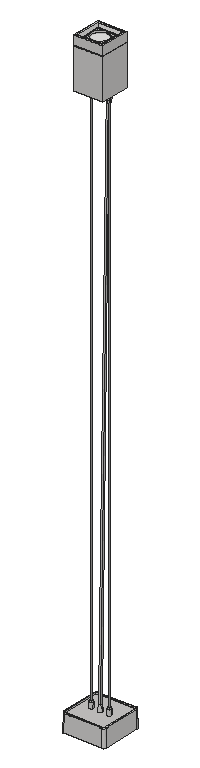
Revit family "CLighting-Luminii-Leto_44_P_MID", category Lighting Fixtures, host Face, Revit 2020
Family settings
  Host = Face
  Round Connector Dimension = Use Diameter
  Part Type = Normal
  OmniClass Number = 23.80.70.11.14.11
  OmniClass Title = Downlights
  Cut with Voids When Loaded = No
  Light Source = Yes
  Shared = Yes
  Room Calculation Point = No
Parameters (values of type "Leto 44 P MID")
  Width = 0' - 3 189/256"  # constant formula
  Wattage Comments = "6.5W"
  Wattage = 6.49954 W
  Warranty URL = "https://www.luminii.com/terms-conditions/"
  built-in parameter 1150110 = 1 (stored number, unit not read)
  Voltage Comments = "120V | 277V | 347V"  # constant formula
  Voltage = 120 V
  Version = "2020 - v1.0a"  # constant formula
  URL = "https://www.luminii.com/"
  built-in parameter 1114217 = 1 (stored number, unit not read)
  Tilt Angle = -90.00°  # constant formula
  built-in parameter 1150109 = 1 (stored number, unit not read)
  built-in parameter 1150134 = (empty or 0)
  built-in parameter 1150113 = 1 (stored number, unit not read)
  Support Phone = "224-699-9545"  # constant formula
  Support Email = "mailto:support@bimsmith.com"
  Product Page URL = "https://www.luminii.com/product/leto-44-p-mid/"
  Power Source Type = "Driver"  # constant formula
  Power Factor = 1
  Photometric Web File = "701-A90-615-35-07-00.ies"
  Phase = 1
  Operating Temperature = "Consult Manufacturer Website for more Information"  # constant formula
  Number of Poles = if(and(or(Voltage = 120 V, Voltage = 277 V), Phase = 1), 1, if(and(or(Voltage = 208 V, Voltage = 240 V), Phase = 1), 2, if(and(or(Voltage = 208 V, Voltage = 240 V), Phase = 3), 3, if(and(Voltage > 300 V, Phase = 1), 2, if(and(Voltage > 400 V, Phase = 3), 3, 1)))))  # 1
  Mounting Method = "Ceiling Mount"  # constant formula
  Model = "701"  # constant formula
  Manufacturer Phone Number = "403-216-7043"  # constant formula
  Manufacturer Email = "mailto: info@sensolighting.com"
  Manufacturer Address = "302 50 Ave SE. Calgary, Alberta, T2G 2A9 Canada"  # constant formula
  Manufacturer = "Luminii"  # constant formula
  built-in parameter 1150105 = 55.704 (stored number, unit not read)
  Lumens = 700 lm
  Luminaire Type = "Pendant LED Downlight"  # constant formula
  built-in parameter 1150115 = 1 (stored number, unit not read)
  Load Classification = Lighting
  built-in parameter 1150137 = (empty or 0)
  built-in parameter 1150139 = (empty or 0)
  Lens Material = Plastic - Luminii - Frosted Lens
  Length [instance] = 0' - 6 1/2"  # constant formula
  built-in parameter 1150112 = 1 (stored number, unit not read)
  built-in parameter 1150114 = 1 (stored number, unit not read)
  Lamp Life = 1
  Lamp = "LED"  # constant formula
  Keynote = "26 50 00"
  built-in parameter 1150132 = 2
  built-in parameter 1150102 = (empty or 0)
  built-in parameter 1150107 = 3500 (stored number, unit not read)
  Initial Color Comments = "Perfomance based on 3500K Photometric Web File"  # constant formula
  built-in parameter 1150138 = (empty or 0)
  built-in parameter 1150106 = 0.55704 (stored number, unit not read)
  Housing Protection Rating = "Consult Manufacturer Website for more Information"  # constant formula
  Has Dimming = 1 = 1  # yes
  Has Battery Backup = 0 = 1  # no
  Frequency Comments = ""  # constant formula
  Frequency = 60 Hz
  Finish = Metal - Luminii - Silver Anodized Aluminum
  Environment = "Indoor"  # constant formula
  built-in parameter 1150104 = 10.006 (stored number, unit not read)
  Dimming Type = "Consult Manufacturer Website for more Information"  # constant formula
  Dimming Lamp Color Temperature Shift = <None>
  Description = "Square pendant"  # constant formula
  Depth = 0' - 3 189/256"  # constant formula
  Default Elevation = 0' - 0"  # constant formula
  Current Amps = 50 A
  Copyright = "©2023 Luminii"  # constant formula
  Control Zone = "Consult Manufacturer Website for more Information"  # constant formula
  Control Type = "Consult Manufacturer Website for more Information"  # constant formula
  Constraints = 1  # constant formula
  Color Filter = 16777215
  built-in parameter 1114216 [instance] = 0  # (empty or 0)
  Canopy Finish = Metal - Luminii - Silver Anodized Aluminum
  built-in parameter 1140040 [instance] = 1 = 1  # 1
  CCT = "3500K"
  C Canopy Offset [instance] = 0' - 2 9/32"  # constant formula
  Desired Cable Length [instance] = 6' - 0"  # constant formula
  built-in parameter 1114218 = 1 (stored number, unit not read)
  built-in parameter 1150133 = 10 (stored number, unit not read)
  Assembly Code = "D5020200"
  Apparent Load = Wattage / Power Factor  # 6.49954 VA
  Actual Cable Length [instance] = if(Desired Cable Length < 1' 0", 1' 0", if(Desired Cable Length > 8' 0", 8' 0", Desired Cable Length))  # 6' - 0"
Reference planes (in)
  plane 1 "Center (Front/Back)": y = 0
  plane 2: z = 0
  plane 3 "Center (Left/Right)": x = 0
  plane 4: x = 0
  plane 5: x = 0
  plane 6: y = 1.86914
  plane 7: y = -1.86914
  plane 8 "B": z = 2.28125
  plane 9 "A": z = 74.28125
  plane 10: z = 80.78125
Forms (in)
  Extrusion 1, solid, material "Metal - Luminii - Silver Anodized Aluminum", not visible
    sketch origin (0, 0, 0) x (1, 0, 0) y (0, 1, 0)
      loop
        circle (0, 0) r 0.5
    from 0 to -0.17225
  Blend 2, solid, material "Metal - Luminii - Silver Anodized Aluminum"
    base sketch origin (0, 0, 2.99287) x (-1, 0, 0) y (0, -1, 0)
      loop
        circle (0, 0) r 0.115
    top sketch origin (0, 0, 2.99287) x (-1, 0, 0) y (0, -1, 0)
      loop
        circle (0, -1.1811) r 0.115
    from 0 to 71.75019
Dimensions and locks (in)
  equal spacing: plane 4, plane 3 "Center (Left/Right)", plane 5
  equal spacing: plane 6, plane 1 "Center (Front/Back)", plane 7
  plane 4 to plane 5 = 0' - 0"
  "Width": plane 6 to plane 7
  "C Canopy Offset": plane 8 "B" to host face
  "Actual Cable Length": plane 9 "A" to plane 8 "B"
  "Length": plane 10 to plane 9 "A"
  locked: plane 10 to imposter light at 0.58258
  aligned and locked: plane 2 to host face
  aligned and locked: plane 3 "Center (Left/Right)" to Extrusion 1 sketch curve
  aligned and locked: plane 1 "Center (Front/Back)" to Extrusion 1 sketch curve
  aligned and locked: plane 2 to Extrusion 1  (x2)
  aligned and locked: imposter light to plane 3 "Center (Left/Right)"
  aligned and locked: imposter light to plane 1 "Center (Front/Back)"
  aligned and locked: plane 3 "Center (Left/Right)" to nested 1
  aligned and locked: plane 1 "Center (Front/Back)" to nested 1
  aligned and locked: plane 3 "Center (Left/Right)" to nested 2
  aligned and locked: nested 2 to plane 1 "Center (Front/Back)"
  aligned and locked: Blend 2 to nested 1
Automatic sketch dimensions
  host sketch curve to host sketch curve = 8' - 0"  (x2)
  radius of Extrusion 1 sketch curve = 0' - 0 1/2"
Nested families (in)
  nested 1: "Nested - Lamp" at (0, 0, 74.28125), type "Nested - Lamp"
  nested 2: "Nested - Canopy" at (0, 0, 0) x (0, 1, 0) z (0, 0, 1), type "Default"
Connectors (in)
  electrical at (0, 0, 0), driven by "Number of Poles", driven by "Load Classification", driven by "Voltage", driven by "Apparent Load", driven by "Power Factor"
    settings: on Extrusion 1, index 1, voltage 120 V, apparent load 6.49954 VA, apparent load phase1 0 VA, apparent load phase2 0 VA, apparent load phase3 0 VA, power factor 1, load classification "Lighting", number of poles 1, system type 30, power factor state 1, is connector primary yes, connector utility no, sub classification motor no, connector description "Power Connection"
Definition of nested family "Nested - Lamp"
  Parameters (values of type "Nested - Lamp")
    Width = 0' - 3.74016"  # constant formula
    Screen Material = none
    Inner Screen = none
    Height = 0' - 6.49606"  # constant formula
    Finish = none
    Default Elevation = 4' - 0"
    Constraint = 3
  Reference planes (in)
    plane 1 "Center (Front/Back)": y = 0
    plane 2: z = 0
    plane 3 "Center (Left/Right)": x = 0
    plane 4: y = 1.87008
    plane 5: y = -1.87008
    plane 6: x = -1.87008
    plane 7: x = 1.87008
    plane 8: z = 6.49606
  Forms (in)
    Extrusion 1, solid
      sketch origin (0, 0, 0) x (1, 0, 0) y (0, 1, 0)
        loop
          line (-48, 48) -> (-48, -48) -> (48, -48) -> (48, 48) -> (-48, 48)
      from 0 to -12
    Sweep 2, solid, material <- "Finish", detail levels medium+fine
      path origin (-0.03362, 1.25, 6.49606) x (0, 1, 0) y (-1, 0, 0)
        loop
          line (0.62008, -1.9037) -> (0.62008, 1.83645) -> (-3.12008, 1.83645) -> (-3.12008, -1.9037) -> (0.62008, -1.9037)
      profile origin (1.87008, 0, 6.49606) x (1, 0, 0) y (0, 0, 1)
        loop
          line (0, -6.49606) -> (0, -1.27953) -> (-0.07874, -1.27953) -> (-0.07874, -1.16142) -> (0, -1.16142) -> (0, 0) -> (-0.10635, 0) -> (-0.27543, -0.05067) -> (-0.47227, -0.3937) -> (-0.53051, -0.3937) -> (-0.54899, -0.60489)
          arc (-0.54899, -0.60489) -> (-0.57675, -0.62619) -> (-0.60039, -0.60039) r 0.0259
          line (-0.60039, -0.60039) -> (-0.63719, -0.33858) -> (-0.68091, -0.33858) -> (-0.72263, -0.3546) -> (-0.72263, -0.79506) -> (-0.21654, -0.79506) -> (-0.21654, -6.29921) -> (-0.07874, -6.29921) -> (-0.07874, -6.49606) -> (0, -6.49606)
    Extrusion 3, solid, material <- "Screen Material"
      sketch origin (0, 0, 5.75984) x (1, 0, 0) y (0, 1, 0)
        loop
          circle (0, 0) r 1.10584
      from 0.14567 to 0.15757
    Extrusion 4, solid, material <- "Finish"
      sketch origin (1.59205, 1.59205, 6.3878) x (0, -1, 0) y (1, 0, 0)
        loop
          circle (1.59205, -1.59205) r 1.14745
        loop
          line (2.78122, -2.78122) -> (2.78122, -0.40289) -> (0.40289, -0.40289) -> (0.40289, -2.78122) -> (2.78122, -2.78122)
      from -0.48228 to -0.23031
    Extrusion 5, solid, material <- "Finish"
      sketch origin (1.59205, 1.59205, 6.3878) x (0, -1, 0) y (1, 0, 0)
        loop
          circle (1.59205, -1.59205) r 1.14745
      from -0.48228 to -0.62795
    Extrusion 6, solid, material <- "Finish"
      sketch origin (-0.03362, 1.25, 8.28705) x (0, 1, 0) y (-1, 0, 0)
        loop
          line (-3.06102, -1.84465) -> (0.56102, -1.84465) -> (0.56102, 1.7774) -> (-3.06102, 1.7774) -> (-3.06102, -1.84465)
        loop
          line (-2.4311, -0.30922) -> (-1.84055, -0.30922)
          arc (-1.84055, -0.30922) -> (-1.61784, -0.40147) -> (-1.52559, -0.62418) r 0.31496
          line (-1.52559, -0.62418) -> (-1.52559, -1.21473)
          arc (-1.52559, -1.21473) -> (-1.25, -1.49032) -> (-0.97441, -1.21473) r 0.27559
          line (-0.97441, -1.21473) -> (-0.97441, -0.62418)
          arc (-0.97441, -0.62418) -> (-0.88216, -0.40147) -> (-0.65945, -0.30922) r 0.31496
          line (-0.65945, -0.30922) -> (-0.0689, -0.30922)
          arc (-0.0689, -0.30922) -> (0.20669, -0.03362) -> (-0.0689, 0.24197) r 0.27559
          line (-0.0689, 0.24197) -> (-0.65945, 0.24197)
          arc (-0.65945, 0.24197) -> (-0.88216, 0.33422) -> (-0.97441, 0.55693) r 0.31496
          line (-0.97441, 0.55693) -> (-0.97441, 1.14748)
          arc (-0.97441, 1.14748) -> (-1.25, 1.42307) -> (-1.52559, 1.14748) r 0.27559
          line (-1.52559, 1.14748) -> (-1.52559, 0.55693)
          arc (-1.52559, 0.55693) -> (-1.61784, 0.33422) -> (-1.84055, 0.24197) r 0.31496
          line (-1.84055, 0.24197) -> (-2.4311, 0.24197)
          arc (-2.4311, 0.24197) -> (-2.70669, -0.03362) -> (-2.4311, -0.30922) r 0.27559
      from -8.1649 to -8.0902
    Extrusion 7, solid, material <- "Finish"
      sketch origin (-0.03362, 1.25, 8.28705) x (0, 1, 0) y (-1, 0, 0)
        loop
          line (-3.06102, -1.84465) -> (0.56102, -1.84465) -> (0.56102, 1.7774) -> (-3.06102, 1.7774) -> (-3.06102, -1.84465)
        loop
          arc (-0.48507, -0.44078) -> (-0.38346, -0.03362) -> (-0.48507, 0.37353) r 0.86654
          arc (-0.48507, 0.37353) -> (-0.58858, 0.40015) -> (-0.62431, 0.29942) r 0.07918
          arc (-0.62431, 0.29942) -> (-0.5412, -0.03362) -> (-0.62431, -0.36667) r 0.7088
          arc (-0.62431, -0.36667) -> (-0.58858, -0.4674) -> (-0.48507, -0.44078) r 0.07918
        loop
          arc (-2.01493, -0.44078) -> (-1.91142, -0.4674) -> (-1.87569, -0.36667) r 0.07918
          arc (-1.87569, -0.36667) -> (-1.9588, -0.03362) -> (-1.87569, 0.29942) r 0.7088
          arc (-1.87569, 0.29942) -> (-1.91142, 0.40015) -> (-2.01493, 0.37353) r 0.07918
          arc (-2.01493, 0.37353) -> (-2.11654, -0.03362) -> (-2.01493, -0.44078) r 0.86654
        loop
          arc (-1.65716, 0.73131) -> (-1.68378, 0.62779) -> (-1.58304, 0.59206) r 0.07918
          arc (-1.58304, 0.59206) -> (-1.25, 0.67518) -> (-0.91696, 0.59206) r 0.7088
          arc (-0.91696, 0.59206) -> (-0.81622, 0.62779) -> (-0.84284, 0.73131) r 0.07918
          arc (-0.84284, 0.73131) -> (-1.25, 0.83292) -> (-1.65716, 0.73131) r 0.86654
        loop
          arc (-1.65716, -0.79856) -> (-1.25, -0.90017) -> (-0.84284, -0.79856) r 0.86654
          arc (-0.84284, -0.79856) -> (-0.81622, -0.69504) -> (-0.91696, -0.65931) r 0.07918
          arc (-0.91696, -0.65931) -> (-1.25, -0.74243) -> (-1.58304, -0.65931) r 0.7088
          arc (-1.58304, -0.65931) -> (-1.68378, -0.69504) -> (-1.65716, -0.79856) r 0.07918
      from -7.77524 to -7.71544
    Revolve 8, solid
      sketch origin (0, 0, 0) x (1, 0, 0) y (0, 0, 1)
        loop
          line (-1.17126, -1.14219) -> (-1.0627, -1.14219) -> (-1.0627, -0.70819) -> (-0.97426, -0.70819) -> (-0.97426, 0.51181) -> (-1.17126, 0.51181) -> (-1.17126, -1.14219)
        axis (-1.17126, -1.14219) -> (-1.17126, 0.51181)
      angle from 0 to 360
    Revolve 9, solid
      sketch origin (0, 0, 0) x (-1, 0, 0) y (0, 0, 1)
        loop
          line (-1.17126, -1.14219) -> (-1.0627, -1.14219) -> (-1.0627, -0.70819) -> (-0.97426, -0.70819) -> (-0.97426, 0.51181) -> (-1.17126, 0.51181) -> (-1.17126, -1.14219)
        axis (-1.17126, -1.14219) -> (-1.17126, 0.51181)
      angle from 0 to 360
    Sweep 10, solid, material <- "Finish", detail levels coarse
      path origin (-0.03362, 1.25, 6.49606) x (0, 1, 0) y (-1, 0, 0)
        loop
          line (0.62008, -1.9037) -> (0.62008, 1.83645) -> (-3.12008, 1.83645) -> (-3.12008, -1.9037) -> (0.62008, -1.9037)
      profile origin (1.87008, 0, 6.49606) x (1, 0, 0) y (0, 0, 1)
        loop
          line (0, -6.49606) -> (0, 0) -> (-0.10635, 0) -> (-0.68091, -0.17218) -> (-0.68091, -0.79506) -> (-0.21654, -0.79506) -> (-0.21654, -6.29921) -> (-0.07874, -6.29921) -> (-0.07874, -6.49606) -> (0, -6.49606)
    Extrusion 11, solid
      sketch origin (-0.03362, 1.25, 0.51181) x (-1, 0, 0) y (0, 1, 0)
        loop
          circle (-0.03362, -0.0689) r 0.23
      from 0 to 0.05
  Dimensions and locks (in)
    "Height": plane 8 to Extrusion 1
    equal spacing: plane 4, plane 1 "Center (Front/Back)", plane 5
    "Width": plane 4 to plane 5
    equal spacing: plane 6, plane 3 "Center (Left/Right)", plane 7
    "Width": plane 6 to plane 7
    aligned and locked: plane 2 to Extrusion 1
    aligned and locked: level to Extrusion 1
    aligned and locked: Sweep 2 sketch curve to plane 7
    aligned and locked: plane 6 to Sweep 2 sketch curve
    aligned and locked: Sweep 2 sketch curve to plane 4
    aligned and locked: plane 5 to Sweep 2 sketch curve
  Automatic sketch dimensions
    Extrusion 1 sketch curve to Extrusion 1 sketch curve = 8' - 0"  (x2)
    plane 1 "Center (Front/Back)" to Extrusion 3 sketch curve = 0' - 0"
    Extrusion 3 sketch curve to plane 3 "Center (Left/Right)" = 0' - 0"
    plane 1 "Center (Front/Back)" to Extrusion 4 sketch curve = 0' - 0"
    Extrusion 4 sketch curve to plane 3 "Center (Left/Right)" = 0' - 0"
    Extrusion 4 sketch curve to plane 4 = 0' - 0.68091"
    Extrusion 4 sketch curve to plane 5 = 0' - 0.68091"
    Extrusion 4 sketch curve to plane 6 = 0' - 0.68091"
    Extrusion 4 sketch curve to plane 7 = 0' - 0.68091"
    plane 1 "Center (Front/Back)" to Extrusion 5 sketch curve = 0' - 0"
    Extrusion 5 sketch curve to plane 3 "Center (Left/Right)" = 0' - 0"
    Extrusion 6 sketch curve to plane 3 "Center (Left/Right)" = 0' - 0"  (x2)
    plane 1 "Center (Front/Back)" to Extrusion 6 sketch curve = 0' - 0"  (x2)
    plane 1 "Center (Front/Back)" to Extrusion 6 sketch curve = 0' - 0.27559"  (x2)
    Extrusion 6 sketch curve to Extrusion 6 sketch curve = 0' - 0.31496"  (x4)
    plane 3 "Center (Left/Right)" to Extrusion 6 sketch curve = 0' - 0.27559"
    Extrusion 6 sketch curve to Extrusion 6 sketch curve = 0' - 0.59055"  (x4)
    Extrusion 6 sketch curve to plane 5 = 0' - 0.05906"
    Extrusion 6 sketch curve to plane 3 "Center (Left/Right)" = 0' - 0.27559"
    Extrusion 6 sketch curve to plane 4 = 0' - 0.05906"
    Extrusion 6 sketch curve to plane 7 = 0' - 0.05906"
    Extrusion 6 sketch curve to plane 6 = 0' - 0.05906"
    Extrusion 7 sketch curve to Extrusion 7 sketch curve = 0' - 0"  (x58)
    plane 1 "Center (Front/Back)" to Extrusion 7 sketch curve = 0' - 0"
    Extrusion 7 sketch curve to plane 3 "Center (Left/Right)" = 0' - 0"
    plane 1 "Center (Front/Back)" to Extrusion 7 sketch curve = 0' - 0.36388"  (x2)
    Extrusion 7 sketch curve to Extrusion 7 sketch curve = 0' - 0.33475"  (x8)
    Extrusion 7 sketch curve to plane 5 = 0' - 0.05906"
    Extrusion 7 sketch curve to plane 1 "Center (Front/Back)" = 0' - 0.36388"  (x2)
    plane 3 "Center (Left/Right)" to Extrusion 7 sketch curve = 0' - 0.36388"  (x2)
    Extrusion 7 sketch curve to plane 4 = 0' - 0.05906"
    Extrusion 7 sketch curve to plane 7 = 0' - 0.05906"
    Extrusion 7 sketch curve to plane 3 "Center (Left/Right)" = 0' - 0.36388"  (x2)
    Extrusion 7 sketch curve to plane 6 = 0' - 0.05906"
    Extrusion 7 sketch curve to Extrusion 7 sketch curve = 0' - 0.03084"  (x4)
    Extrusion 7 sketch curve to Extrusion 7 sketch curve = 0' - 0.04328"  (x4)
    Extrusion 7 sketch curve to Extrusion 7 sketch curve = 0' - 0.07293"  (x6)
    Extrusion 7 sketch curve to Extrusion 7 sketch curve = 0' - 0.06631"  (x2)
    Revolve 8 sketch curve to plane 6 = 0' - 0.69882"
    Revolve 8 sketch curve to Revolve 8 sketch curve = 0' - 0.10856"
    Revolve 8 sketch curve to Revolve 8 sketch curve = 0' - 0.197"
    Revolve 8 sketch curve to level = 0' - 1.14219"
    Revolve 8 sketch curve to Revolve 8 sketch curve = 0' - 0.434"
    level to Revolve 8 sketch curve = 0' - 0.51181"
    Revolve 8 sketch curve to Revolve 8 sketch curve = 0' - 0"  (x2)
    Revolve 8 sketch curve to Revolve 8 sketch curve = 0' - 0.81454"
    plane 7 to Revolve 9 sketch curve = 0' - 0.69882"
    Revolve 9 sketch curve to Revolve 9 sketch curve = 0' - 0.10856"
    Revolve 9 sketch curve to Revolve 9 sketch curve = 0' - 0.197"
    level to Revolve 9 sketch curve = 0' - 1.14219"
    Revolve 9 sketch curve to Revolve 9 sketch curve = 0' - 0.434"
    Revolve 9 sketch curve to level = 0' - 0.51181"
    Revolve 9 sketch curve to Revolve 9 sketch curve = 0' - 0"  (x2)
    Revolve 9 sketch curve to Revolve 9 sketch curve = 0' - 0.81454"
    plane 5 to Sweep 10 sketch curve = 0' - 0"
    Sweep 10 sketch curve to plane 4 = 0' - 0"
    Sweep 10 sketch curve to plane 7 = 0' - 0"
    Sweep 10 sketch curve to plane 6 = 0' - 0"
    Sweep 2 sketch curve to plane 8 = 0' - 0"
    profile plane to Sweep 2 sketch curve = 0' - 0"  (x2)
    Sweep 2 sketch curve to Sweep 2 sketch curve = 0' - 0.07874"  (x2)
    profile plane to Sweep 2 sketch curve = 0' - 0.21654"
    Sweep 2 sketch curve to plane 8 = 0' - 0.05067"
    profile plane to Sweep 2 sketch curve = 0' - 0.27543"
    Sweep 2 sketch curve to Sweep 2 sketch curve = 0' - 0.19684"
    Sweep 2 sketch curve to Sweep 2 sketch curve = 0' - 0.05825"
    Sweep 2 sketch curve to Sweep 2 sketch curve = 0' - 0.01848"
    Sweep 2 sketch curve to Sweep 2 sketch curve = 0' - 0.0255"
    Sweep 2 sketch curve to Sweep 2 sketch curve = 0' - 0.0259"
    Sweep 2 sketch curve to Sweep 2 sketch curve = 0' - 0.10667"
    Sweep 2 sketch curve to Sweep 2 sketch curve = 0' - 0.04373"
    Sweep 2 sketch curve to plane 8 = 0' - 0.33858"
    Sweep 2 sketch curve to Sweep 2 sketch curve = 0' - 0.05512"
    Sweep 2 sketch curve to Sweep 2 sketch curve = 0' - 0.20669"
    Sweep 2 sketch curve to Sweep 2 sketch curve = 0' - 0.19017"
    Sweep 2 sketch curve to Sweep 2 sketch curve = 0' - 0.36636"
    Sweep 2 sketch curve to Sweep 2 sketch curve = 0' - 0.11811"
    Sweep 2 sketch curve to Sweep 2 sketch curve = 0' - 5.01969"
    Sweep 2 sketch curve to Sweep 2 sketch curve = 0' - 0.19685"
    Sweep 2 sketch curve to Sweep 2 sketch curve = 0' - 0.10635"
    Sweep 2 sketch curve to Sweep 2 sketch curve = 0' - 0.12224"
    Sweep 2 sketch curve to plane 8 = 0' - 0.3546"
    Sweep 10 sketch curve to plane 8 = 0' - 0"
    profile plane to Sweep 10 sketch curve = 0' - 0"
    Sweep 10 sketch curve to Sweep 10 sketch curve = 0' - 0.07874"
    Sweep 10 sketch curve to Sweep 10 sketch curve = 0' - 0.1378"
    Sweep 10 sketch curve to plane 8 = 0' - 0.17218"
    Sweep 10 sketch curve to Sweep 10 sketch curve = 0' - 5.50415"
    Sweep 10 sketch curve to Sweep 10 sketch curve = 0' - 0.19685"
    Sweep 10 sketch curve to Sweep 10 sketch curve = 0' - 0.10635"
    Sweep 10 sketch curve to Sweep 10 sketch curve = 0' - 0.46438"
    Sweep 10 sketch curve to Sweep 10 sketch curve = 0' - 0.62288"
    Extrusion 7 to Extrusion 11 sketch curve = 0' - 0.62992"
    Extrusion 7 to Extrusion 11 sketch curve = 0' - 1.81102"
    radius of Extrusion 3 sketch curve = 0' - 1.10584"
    radius of Extrusion 4 sketch curve = 0' - 1.14745"
    radius of Extrusion 5 sketch curve = 0' - 1.14745"
    radius of Extrusion 11 sketch curve = 0' - 0.23"
Definition of nested family "Nested - Canopy"
  Parameters (values of type "Default")
    Square Canopy = no
    Round Canopy = yes
    Finish = none
    Feed Cable = 0' - 0.23"  # constant formula
    Default Elevation = 0' - 0"
    Cable Length = 6' - 0"
    Base = 0' - 5.67117"
    Aircraft Cable = 0' - 0.05"  # constant formula
  Reference planes (in)
    plane 1 "Center (Front/Back)": y = 0
    plane 2: z = 0
    plane 3 "Center (Left/Right)": x = 0
    plane 4: z = 74.28346
    plane 5: z = 2.28346
    plane 6: x = 2.83559
    plane 7: x = -2.83559
    plane 8: y = -2.83559
    plane 9: y = 2.83559
  Forms (in)
    Sweep 1, solid, material <- "Finish", detail levels medium+fine
      path origin (0, 0, 0) x (1, 0, 0) y (0, 1, 0)
        loop
          arc (-2.41835, 2.83559) -> (-2.71338, 2.71338) -> (-2.83559, 2.41835) r 0.41723
          line (-2.83559, 2.41835) -> (-2.83559, -2.41878)
          arc (-2.83559, -2.41878) -> (-2.71351, -2.71351) -> (-2.41878, -2.83559) r 0.4168
          line (-2.41878, -2.83559) -> (2.41578, -2.83559)
          arc (2.41578, -2.83559) -> (2.71263, -2.71263) -> (2.83559, -2.41578) r 0.41981
          line (2.83559, -2.41578) -> (2.83559, 2.41269)
          arc (2.83559, 2.41269) -> (2.71172, 2.71172) -> (2.41269, 2.83559) r 0.42289
          line (2.41269, 2.83559) -> (-2.41835, 2.83559)
      profile origin (-0.00283, 2.83559, 0) x (0, 1, 0) y (0, 0, 1)
        loop
          line (0, 0) -> (-0.07854, 2.24916)
          arc (-0.07854, 2.24916) -> (-0.08859, 2.27342) -> (-0.11284, 2.28346) r 0.0343
          line (-0.11284, 2.28346) -> (-0.22278, 2.28346) -> (-0.22278, 0) -> (0, 0)
    Extrusion 2, solid, material <- "Finish", detail levels medium+fine
      sketch origin (0, 0, 0) x (1, 0, 0) y (0, 1, 0)
        loop
          arc (-2.41835, 2.6128) -> (-2.55585, 2.55585) -> (-2.6128, 2.41835) r 0.19445
          line (-2.6128, 2.41835) -> (-2.6128, -2.41878)
          arc (-2.6128, -2.41878) -> (-2.55597, -2.55597) -> (-2.41878, -2.6128) r 0.19402
          line (-2.41878, -2.6128) -> (2.41578, -2.6128)
          arc (2.41578, -2.6128) -> (2.55509, -2.55509) -> (2.6128, -2.41578) r 0.19702
          line (2.6128, -2.41578) -> (2.6128, 2.41269)
          arc (2.6128, 2.41269) -> (2.55419, 2.55419) -> (2.41269, 2.6128) r 0.20011
          line (2.41269, 2.6128) -> (-2.41835, 2.6128)
      from 0 to 2.20472
    Revolve 3, solid, detail levels medium+fine
      sketch origin (0, -0.60039, 0) x (0, 1, 0) y (0, 0, 1)
        loop
          line (2.02756, 2.20472) -> (2.02756, 2.80697) -> (1.93924, 2.80697) -> (1.93924, 3.00382) -> (1.77165, 3.00382) -> (1.77165, 2.20472) -> (2.02756, 2.20472)
        axis (1.77165, 2.20472) -> (1.77165, 3.00382)
      angle from 0 to 360
    Revolve 4, solid, detail levels medium+fine
      sketch origin (0, 0.60039, 0) x (0, -1, 0) y (0, 0, 1)
        loop
          line (2.02756, 2.20472) -> (2.02756, 2.80697) -> (1.93924, 2.80697) -> (1.93924, 3.00382) -> (1.77165, 3.00382) -> (1.77165, 2.20472) -> (2.02756, 2.20472)
        axis (1.77165, 2.20472) -> (1.77165, 3.00382)
      angle from 0 to 360
    Revolve 5, solid, detail levels medium+fine
      sketch origin (0, 0, 0) x (0, 1, 0) y (0, 0, 1)
        loop
          line (0, 2.99287) -> (0, 2.20472) -> (0.29574, 2.20472) -> (0.17677, 2.99287) -> (0, 2.99287)
        axis (0, 2.99287) -> (0, 2.20472)
      angle from 0 to 360
    Extrusion 6, solid, material <- "Finish", detail levels coarse
      sketch origin (0, 0, 0) x (1, 0, 0) y (0, 1, 0)
        loop
          line (-2.83559, 2.83559) -> (-2.83559, -2.83559) -> (2.83559, -2.83559) -> (2.83559, 2.83559) -> (-2.83559, 2.83559)
      from 0 to 2.28346
    Revolve 7, solid, detail levels coarse
      sketch origin (0, -0.60039, 0) x (0, 1, 0) y (0, 0, 1)
        loop
          line (2.02756, 2.28346) -> (2.02756, 2.80697) -> (1.93924, 2.80697) -> (1.93924, 3.00382) -> (1.77165, 3.00382) -> (1.77165, 2.28346) -> (2.02756, 2.28346)
        axis (1.77165, 2.28346) -> (1.77165, 3.00382)
      angle from 0 to 360
    Revolve 8, solid, detail levels coarse
      sketch origin (0, 0.60039, 0) x (0, -1, 0) y (0, 0, 1)
        loop
          line (2.02756, 2.28346) -> (2.02756, 2.80697) -> (1.93924, 2.80697) -> (1.93924, 3.00382) -> (1.77165, 3.00382) -> (1.77165, 2.28346) -> (2.02756, 2.28346)
        axis (1.77165, 2.28346) -> (1.77165, 3.00382)
      angle from 0 to 360
    Revolve 9, solid, detail levels coarse
      sketch origin (0, 0, 0) x (0, 1, 0) y (0, 0, 1)
        loop
          line (0, 2.99287) -> (0, 2.28346) -> (0.28386, 2.28346) -> (0.17677, 2.99287) -> (0, 2.99287)
        axis (0, 2.99287) -> (0, 2.28346)
      angle from 0 to 360
    Extrusion 10, solid
      sketch origin (0, 0, 0) x (1, 0, 0) y (0, 1, 0)
        loop
          circle (0, 1.17126) r 0.025
        loop
          circle (0, -1.17126) r 0.025
      from 3.00382 to 74.28346
  Dimensions and locks (in)
    "Cable Length": plane 5 to plane 4
    equal spacing: plane 7, plane 3 "Center (Left/Right)", plane 6
    equal spacing: plane 9, plane 1 "Center (Front/Back)", plane 8
    "Base": plane 9 to plane 8
    "Base": plane 7 to plane 6
    aligned and locked: plane 2 to level
    aligned and locked: Sweep 1 sketch curve to plane 9
    aligned and locked: Sweep 1 sketch curve to plane 7
    aligned and locked: Sweep 1 sketch curve to plane 8
    aligned and locked: Sweep 1 sketch curve to plane 6
    aligned and locked: Extrusion 6 sketch curve to plane 9
    aligned and locked: Extrusion 6 sketch curve to plane 7
    aligned and locked: Extrusion 6 sketch curve to plane 8
    aligned and locked: Extrusion 6 sketch curve to plane 6
    aligned and locked: Extrusion 10 to Revolve 3
    aligned and locked: plane 4 to Extrusion 10
  Automatic sketch dimensions
    Sweep 1 sketch curve to plane 7 = 0' - 0.4168"
    Sweep 1 sketch curve to plane 7 = 0' - 0.41723"
    Sweep 1 sketch curve to Sweep 1 sketch curve = 0' - 0.42289"
    Sweep 1 sketch curve to plane 6 = 0' - 0.41981"
    Sweep 1 sketch curve to level = 0' - 0"
    Sweep 1 sketch curve to profile plane = 0' - 0"
    profile plane to Sweep 1 sketch curve = 0' - 0.07854"
    Sweep 1 sketch curve to Sweep 1 sketch curve = 0' - 0.0343"
    profile plane to Sweep 1 sketch curve = 0' - 0.22278"
    level to Sweep 1 sketch curve = 0' - 2.24916"
    Extrusion 2 sketch curve to plane 7 = 0' - 0.22278"
    Extrusion 2 sketch curve to plane 8 = 0' - 0.22278"
    Extrusion 2 sketch curve to Extrusion 2 sketch curve = 0' - 0.19402"
    Extrusion 2 sketch curve to plane 9 = 0' - 0.22278"
    Extrusion 2 sketch curve to Extrusion 2 sketch curve = 0' - 0.19445"
    Extrusion 2 sketch curve to plane 6 = 0' - 0.42289"
    Extrusion 2 sketch curve to plane 6 = 0' - 0.41981"
    Extrusion 2 sketch curve to Extrusion 2 sketch curve = 0' - 0.19702"
    plane 5 to Revolve 3 sketch curve = 0' - 0.07874"
    Revolve 3 sketch curve to plane 9 = 0' - 1.66433"
    Revolve 3 sketch curve to Revolve 3 sketch curve = 0' - 0.16759"
    Revolve 3 sketch curve to Revolve 3 sketch curve = 0' - 0.08831"
    Revolve 3 sketch curve to plane 5 = 0' - 0.5235"
    Revolve 3 sketch curve to Revolve 3 sketch curve = 0' - 0.19685"
    Revolve 3 sketch curve to Revolve 3 sketch curve = 0' - 0"  (x2)
    Revolve 3 sketch curve to Revolve 3 sketch curve = 0' - 0.11398"
    Revolve 4 sketch curve to plane 5 = 0' - 0.07874"
    plane 8 to Revolve 4 sketch curve = 0' - 1.66433"
    Revolve 4 sketch curve to Revolve 4 sketch curve = 0' - 0.16759"
    Revolve 4 sketch curve to Revolve 4 sketch curve = 0' - 0.08831"
    plane 5 to Revolve 4 sketch curve = 0' - 0.5235"
    Revolve 4 sketch curve to Revolve 4 sketch curve = 0' - 0.19685"
    Revolve 4 sketch curve to Revolve 4 sketch curve = 0' - 0"  (x2)
    Revolve 4 sketch curve to Revolve 4 sketch curve = 0' - 0.11398"
    Revolve 5 sketch curve to plane 1 "Center (Front/Back)" = 0' - 0"  (x2)
    Revolve 5 sketch curve to Revolve 5 sketch curve = 0' - 0.17677"
    plane 5 to Revolve 5 sketch curve = 0' - 0.07874"
    Revolve 5 sketch curve to plane 1 "Center (Front/Back)" = 0' - 0.29574"
    Revolve 5 sketch curve to plane 5 = 0' - 0.70941"
    Revolve 5 sketch curve to Revolve 5 sketch curve = 0' - 0.15349"
    Revolve 5 sketch curve to Revolve 5 sketch curve = 0' - 0 1/4"
    plane 5 to Revolve 7 sketch curve = 0' - 0"
    Revolve 7 sketch curve to plane 9 = 0' - 1.66433"
    Revolve 7 sketch curve to Revolve 7 sketch curve = 0' - 0.16759"
    Revolve 7 sketch curve to Revolve 7 sketch curve = 0' - 0.08831"
    Revolve 7 sketch curve to plane 5 = 0' - 0.5235"
    Revolve 7 sketch curve to Revolve 7 sketch curve = 0' - 0.19685"
    Revolve 7 sketch curve to Revolve 7 sketch curve = 0' - 0"  (x2)
    Revolve 7 sketch curve to Revolve 7 sketch curve = 0' - 0.11398"
    Revolve 9 sketch curve to plane 1 "Center (Front/Back)" = 0' - 0"  (x2)
    plane 5 to Revolve 9 sketch curve = 0' - 0"
    Revolve 9 sketch curve to Revolve 9 sketch curve = 0' - 0.17677"
    Revolve 9 sketch curve to plane 1 "Center (Front/Back)" = 0' - 0.28386"
    Revolve 9 sketch curve to Revolve 9 sketch curve = 0' - 0.70941"
    Revolve 9 sketch curve to Revolve 9 sketch curve = 0' - 0.15349"
    Revolve 9 sketch curve to Revolve 9 sketch curve = 0' - 0 1/4"
    plane 5 to Revolve 8 sketch curve = 0' - 0"
    plane 8 to Revolve 8 sketch curve = 0' - 1.66433"
    Revolve 8 sketch curve to Revolve 8 sketch curve = 0' - 0.16759"
    Revolve 8 sketch curve to Revolve 8 sketch curve = 0' - 0.08831"
    Revolve 8 sketch curve to Revolve 8 sketch curve = 0' - 0.5235"
    Revolve 8 sketch curve to Revolve 8 sketch curve = 0' - 0.19685"
    Revolve 8 sketch curve to Revolve 8 sketch curve = 0' - 0"  (x2)
    Revolve 8 sketch curve to Revolve 8 sketch curve = 0' - 0.11398"
    Extrusion 10 sketch curve to plane 3 "Center (Left/Right)" = 0' - 0"  (x2)
    Extrusion 10 sketch curve to plane 8 = 0' - 1.66433"
    Extrusion 10 sketch curve to plane 9 = 0' - 1.66433"
    radius of Extrusion 10 sketch curve = 0' - 0.025"  (x2)
